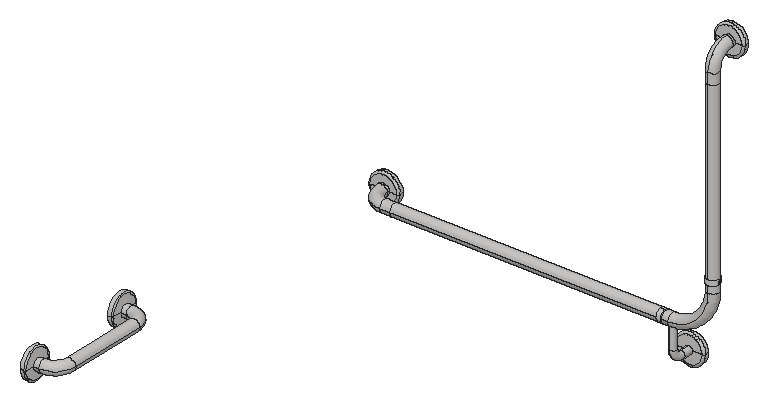
Revit family "RBA4090-300", category Plumbing Fixtures, Revit 2021
Family settings
  Round Connector Dimension = Use Diameter
  Part Type = Normal
  Work Plane-Based = No
  Always vertical = No
  Cut with Voids When Loaded = No
  Shared = No
  Room Calculation Point = No
Parameters
  Watermarked By = "www.rba.com.au"
  URL = "www.rba.com.au"
  Phone Number = "1300 788 778"
  OFFSET = 800.00 mm
  Model = "RBA4090-300"
  Materials & Finishes = #304 Stainless Steel, Satin Finish
  Manufacturer Model = ""
  Manufacturer = "RBA Group"
  Distance Away from Wall [instance] = 100.00 mm
  Distance Away from Toilet [instance] = 1090.00 mm
  Description = "LH Accessible Rail + 300mm Straight Kit | Satin Finish"
  Default Elevation = 0.00 mm
  Copyrighted by = "RBA Group"  # constant formula
  Assembly Code = ""
Reference planes
  plane 1 "Center (Front/Back)": y = 0
  plane 2: z = 0
  plane 3: x = 40.5
  plane 4: z = 800
  plane 5: z = 1500
  plane 6: x = -59.5
  plane 7: z = 700
  plane 8: x = -909.5
  plane 9: x = -1009.5
  plane 10: y = -54
  plane 11: y = -86
  plane 12: y = -1090
  plane 13: y = -1074
  plane 14: x = -954.5
  plane 15: x = -922.5
  plane 16: z = 816
  plane 17: x = 24.5
Dimensions and locks
  "OFFSET": plane 4 to plane 2
  plane 10 to plane 1 "Center (Front/Back)" = 54.00 mm
  plane 1 "Center (Front/Back)" to plane 11 = 86.00 mm
  "Distance Away from Wall": plane 9 to plane 8
  locked: plane 13 to plane 12 at 16
  "Distance Away from Toilet": plane 1 "Center (Front/Back)" to plane 12
  aligned and locked: plane 4 to nested 1
Nested families
  nested 1: "RBA4090-901" at (-933, 0, 800), type "RBA4090-901"
  nested 2: "RBA4000-Straight-Series" at (-1009.5, -1074, 800) x (0, 1, 0) z (0, 0, 1), type "RBA4000-030"
Definition of nested family "RBA4090-901"
  Parameters (values of type "RBA4090-901")
    Watermarked By = "www.rba.com.au"
    URL = "www.rba.com.au"
    R_Void [instance] = 15.00 mm
    R [instance] = 0.00 mm
    Phone Number = ""
    Model = "RBA4090-901"
    Materials & Finishes = none
    Manufacturer Model = "B819436"
    Manufacturer = "RBA Group"
    Description = "RTA SSS Left Hand Single Wall 90° Rail"
    Default Elevation = 0.00 mm
    Copyrighted by = "RBA Group"  # constant formula
    Assembly Code = ""
  Reference planes
    plane 1 "Center (Front/Back)": y = 0
    plane 2: z = 0
    plane 3: x = 40.5
    plane 4: z = -30
    plane 5: z = 30
    plane 6: x = 70.5
    plane 7: x = 10.5
    plane 8: x = 990.5
    plane 9: x = 515.5
    plane 10: z = 670
    plane 11: z = 730
    plane 12: x = 960.5
    plane 13: x = 1020.5
    plane 14: z = 700
    plane 15: z = -130
    plane 16: z = -70
    plane 17: x = 910.5
    plane 18: x = 850.5
    plane 19: x = 835.5
    plane 20: z = -100
    plane 21: x = 974.5
    plane 22: z = 16
    plane 23: y = -70
    plane 24: y = -86
    plane 25: y = -54
    plane 26: y = -79.5
    plane 27: y = -60.5
  Forms (mm)
    Extrusion 1, solid
      sketch origin (40.5, -2.628, 315.907) x (0, 0, -1) y (-1, 0, 0)
        loop
          circle (315.907, 0) r 40
      from -0.219 to 2.628
    Revolve 2, solid, material <- "Materials & Finishes"
      sketch origin (40.5, 18.663, 0) x (0, -1, 0) y (1, 0, 0)
        loop
          line (18.663, 0) -> (18.663, -41.5) -> (27.844, -41.5)
          arc (27.844, -41.5) -> (31.337, -40.077) -> (32.842, -36.617) r 5
          line (32.842, -36.617) -> (33.701, 0) -> (18.663, 0)
        axis (18.663, 0) -> (33.701, 0)
      angle from 0 to 360
    Extrusion 3, void
      sketch origin (40.5, 34.941, 315.907) x (0, 0, -1) y (-1, 0, 0)
        loop
          circle (315.907, -30) r 5
        loop
          circle (315.907, 30) r 5
      from -37.788 to -30
    Sweep 4, solid, material <- "Materials & Finishes"
      path origin (40.5, 12.454, 0) x (0, -1, 0) y (-1, 0, 0)
        loop
          line (12.454, 0) -> (34.454, 0)
          arc (34.454, 0) -> (68.395, -14.059) -> (82.454, -48) r 48
          line (82.454, -48) -> (82.454, -76)
      profile origin (40.5, -11, 0) x (1, 0, 0) y (0, 0, 1)
        loop
          circle (0, 0) r 16
    Extrusion 5, solid
      sketch origin (990.5, -2.628, 1015.907) x (0, 0, -1) y (-1, 0, 0)
        loop
          circle (315.907, 0) r 40
      from -0.219 to 2.628
    Extrusion 6, void
      sketch origin (990.5, 34.941, 1015.907) x (0, 0, -1) y (-1, 0, 0)
        loop
          circle (315.907, 30) r 5
        loop
          circle (315.907, -30) r 5
      from -37.788 to -30
    Sweep 7, solid, material <- "Materials & Finishes"
      path origin (1690.5, 12.454, 700) x (0, -1, 0) y (0, 0, 1)
        loop
          line (12.454, 0) -> (34.454, 0)
          arc (34.454, 0) -> (68.395, -14.059) -> (82.454, -48) r 48
          line (82.454, -48) -> (82.454, -76)
      profile origin (1690.5, -11, 700) x (0, 0, 1) y (-1, 0, 0)
        loop
          circle (0, 700) r 16
    Revolve 8, solid, material <- "Materials & Finishes"
      sketch origin (990.5, 18.663, 700) x (0, -1, 0) y (1, 0, 0)
        loop
          line (18.663, 0) -> (33.701, 0) -> (32.842, 36.617)
          arc (32.842, 36.617) -> (31.337, 40.077) -> (27.844, 41.5) r 5
          line (27.844, 41.5) -> (18.663, 41.5) -> (18.663, 0)
        axis (18.663, 0) -> (33.701, 0)
      angle from 0 to 360
    Sweep 9, solid, material <- "Materials & Finishes"
      path origin (0, 0, 0) x (1, 0, 0) y (0, 0, 1)
        loop
          line (116.5, 0) -> (880.5, 0)
          arc (880.5, 0) -> (958.282, 32.218) -> (990.5, 110) r 110
          line (990.5, 110) -> (990.5, 624)
      profile origin (498.5, 0, 0) x (0, 0, 1) y (0, -1, 0)
        loop
          circle (0, 70) r 16
    Extrusion 10, solid
      sketch origin (880.5, -2.628, 215.907) x (0, 0, -1) y (-1, 0, 0)
        loop
          circle (315.907, 0) r 40
      from -0.219 to 2.628
    Revolve 11, solid, material <- "Materials & Finishes"
      sketch origin (880.5, 18.663, -100) x (0, -1, 0) y (1, 0, 0)
        loop
          line (18.663, 0) -> (18.663, -41.5) -> (27.844, -41.5)
          arc (27.844, -41.5) -> (31.337, -40.077) -> (32.842, -36.617) r 5
          line (32.842, -36.617) -> (33.701, 0) -> (18.663, 0)
        axis (18.663, 0) -> (33.701, 0)
      angle from 0 to 360
    Sweep 12, solid, material <- "Materials & Finishes"
      path origin (880.5, 12.454, -100) x (0, -1, 0) y (0, 0, -1)
        loop
          line (12.454, 0) -> (54.454, 0)
          arc (54.454, 0) -> (74.253, -8.201) -> (82.454, -28) r 28
          line (82.454, -28) -> (82.454, -100)
      profile origin (880.5, -21, -100) x (0, 0, -1) y (1, 0, 0)
        loop
          circle (0, 0) r 9.5
    Extrusion 13, void
      sketch origin (880.5, 34.941, 215.907) x (0, 0, -1) y (-1, 0, 0)
        loop
          circle (315.907, -30) r 5
        loop
          circle (315.907, 30) r 5
      from -37.788 to -30
    Extrusion 14, solid
      sketch origin (0, 0, 0) x (1, 0, 0) y (0, 1, 0)
        loop
          circle (990.5, -70) r 17
      from 142 to 130
    Extrusion 15, solid
      sketch origin (650.5, 0, 990.5) x (0, 0, -1) y (0, 1, 0)
        loop
          circle (990.5, -70) r 17
      from 210 to 198
  Cuts and joins
    Extrusion 3, Extrusion 6, Extrusion 13 cuts Extrusion 1
    Extrusion 3, Extrusion 6, Extrusion 13 cuts Revolve 2
    Extrusion 13 cuts Sweep 4
    Extrusion 6 cuts Revolve 8
    Extrusion 13 cuts Revolve 11
    joined: Revolve 2, Sweep 4, Sweep 7, Revolve 8, Sweep 9, Revolve 11, Sweep 12
    Extrusion 6 cuts Extrusion 5
    Extrusion 13 cuts Extrusion 10
  Dimensions and locks
    Revolve 2 sketch curve to Revolve 2 sketch curve = 41.50 mm
    plane 5 to level to plane 4 = 30.00 mm, 30.00 mm
    plane 7 to plane 6 = 60.00 mm
    plane 11 to plane 10 = 60.00 mm
    plane 12 to plane 13 = 60.00 mm
    Revolve 8 sketch curve to Revolve 8 sketch curve = 41.50 mm
    Revolve 11 sketch curve to Revolve 11 sketch curve = 41.50 mm
    plane 16 to plane 15 = 60.00 mm
    plane 18 to plane 17 = 60.00 mm
    level to plane 20 = 100.00 mm
    plane 14 to level = 700.00 mm
    plane 8 to plane 19 = 155.00 mm
    plane 8 to plane 3 = 950.00 mm
    radius of Extrusion 1 sketch curve = 40.00 mm
    radius of Sweep 4 sketch curve = 16.00 mm
    radius of Extrusion 5 sketch curve = 40.00 mm
    radius of Sweep 7 sketch curve = 16.00 mm
    radius of Extrusion 10 sketch curve = 40.00 mm
    radius of Sweep 12 sketch curve = 9.50 mm
    aligned and locked: Revolve 2 to Extrusion 1
    aligned and locked: Revolve 11 to Extrusion 10
Definition of nested family "RBA4000-Straight-Series"
  Parameters (values of type "RBA4000-060")
    Watermarked By = "www.rba.com.au"
    URL = "www.rba.com.au"
    Phone Number = ""
    OFFSET [instance] = 800.00 mm
    Modified Issue = ""
    Model = "RBA4000-Straight-Series"
    Materials & Finishes = none
    Manufacturer = "RBA Group"  # constant formula
    Lgth = 600.00 mm
    Diameter = 32.00 mm
    Description = "RTA Satin Stainless Steel Straight Grabrail"
    Default Elevation = 0.00 mm
    Copyright by = "RBA Group"  # constant formula
  Types (9, lengths in mm): name | URL | Phone Number | Modified Issue | Model | Lgth | Description
    RBA4000-040 | "www.rba.com.au" | "" | "20191108.1" | "RBA4000-040" | 400.00 | "Straight Grab Rail 400mm"
    RBA4000-120 | "http://www.rba.com.au/accessible-disabled/grab-rails" | "1300 788 778" | "20191004.01" | "RBA4000-120" | 1200.00 | "Straight Grab Rail 1200mm"
    RBA4000-100 | "http://www.rba.com.au/accessible-disabled/grab-rails" | "1300 788 778" | "20191004.01" | "RBA4000-100" | 1000.00 | "Straight Grab Rail 1000mm"
    RBA4000-080 | "http://www.rba.com.au/accessible-disabled/grab-rails" | "1300 788 778" | "20191004.01" | "RBA4000-080" | 800.00 | "Straight Grab Rail 800mm"
    RBA4000-090 | "www.rba.com.au" | "" | "20191004.01" | "RBA4000-090" | 900.00 | "Straight Grab Rail 900mm"
    RBA4000-070 | "www.rba.com.au" | "" | "20191004.01" | "RBA4000-075" | 700.00 | "Straight Grab Rail 750mm"
    RBA4000-060 | "www.rba.com.au" | "" | "" | "RBA4000-Straight-Series" | 600.00 | "RTA Satin Stainless Steel Straight Grabrail"
    RBA4000-045 | "www.rba.com.au" | "" | "20191004.01" | "RBA4000-045" | 450.00 | "Straight Grab Rail 450mm"
    RBA4000-030 | "www.rba.com.au" | "" | "20190510.1" | "RBA4000-030" | 300.00 | "Straight Grab Rail 300mm"
  Reference planes
    plane 1 "Center (Front/Back)": y = 0
    plane 2: z = 0
    plane 3 "Center (Left/Right)": x = 0
    plane 4: x = 0
    plane 5: x = 0
    plane 6: y = -57
    plane 7: y = -87
    plane 8: x = 600
    plane 9: z = 16
    plane 10: z = -16
    plane 11: y = -55
  Forms (mm)
    Sweep 1, solid, material <- "Materials & Finishes"
      path origin (-273.954, -750, 0) x (0, -1, 0) y (1, 0, 0)
        loop
          line (-740, 873.954) -> (-719, 873.954)
          arc (-719, 873.954) -> (-690.716, 862.239) -> (-679, 833.954) r 40
          line (-679, 833.954) -> (-679, 313.954)
          arc (-679, 313.954) -> (-690.716, 285.67) -> (-719, 273.954) r 40
          line (-719, 273.954) -> (-740, 273.954)
      profile origin (300, -71, 0) x (0, -1, 0) y (0, 0, 1)
        loop
          circle (0, 0) r 16
    Extrusion 2, solid, material <- "Materials & Finishes"
      sketch origin (62.5, -2.628, -315.907) x (0, 0, 1) y (1, 0, 0)
        loop
          circle (315.907, -62.5) r 40
      from -0.206 to 2.628
    Revolve 3, solid, material <- "Materials & Finishes"
      sketch origin (62.5, 18.663, 0) x (-1, 0, 0) y (0, -1, 0)
        loop
          line (62.5, 18.663) -> (104, 18.663) -> (104, 28.968)
          arc (104, 28.968) -> (103.207, 31.014) -> (101.243, 31.992) r 3.037
          arc (101.243, 31.992) -> (81.892, 33.334) -> (62.5, 33.781) r 420.249
          line (62.5, 33.781) -> (62.5, 18.663)
        axis (62.5, 18.663) -> (62.5, 33.781)
      angle from 0 to 360
    Extrusion 4, void
      sketch origin (62.704, 34.941, -270.785) x (-0.515038, 0, 0.857167) y (0.857167, 0, 0.515038)
        loop
          circle (248.952, 111.432) r 4.75
        loop
          circle (279.854, 60.002) r 4.75
      from -37.775 to -34.941
    Extrusion 5, solid, material <- "Materials & Finishes"
      sketch origin (237.5, -2.628, -315.907) x (0, 0, 1) y (1, 0, 0)
        loop
          circle (315.907, 362.5) r 40
      from -0.206 to 2.628
    Revolve 6, solid, material <- "Materials & Finishes"
      sketch origin (237.5, 18.663, 0) x (-1, 0, 0) y (0, -1, 0)
        loop
          line (-362.5, 18.663) -> (-362.5, 33.781)
          arc (-362.5, 33.781) -> (-381.892, 33.334) -> (-401.243, 31.992) r 420.249
          arc (-401.243, 31.992) -> (-403.207, 31.014) -> (-404, 28.968) r 3.037
          line (-404, 28.968) -> (-404, 18.663) -> (-362.5, 18.663)
        axis (-362.5, 18.663) -> (-362.5, 33.781)
      angle from 0 to 360
    Extrusion 7, void
      sketch origin (362.704, 34.941, -270.785) x (-0.515038, 0, 0.857167) y (0.857167, 0, 0.515038)
        loop
          circle (125.343, 317.152) r 4.75
        loop
          circle (94.441, 368.582) r 4.75
      from -37.775 to -34.941
  Cuts and joins
    Extrusion 7 cuts Sweep 1
    Extrusion 4, Extrusion 7 cuts Extrusion 2
    Extrusion 4, Extrusion 7 cuts Revolve 3
    Extrusion 7 cuts Extrusion 5
    Extrusion 7 cuts Revolve 6
    joined: Sweep 1, Extrusion 2, Revolve 3, Extrusion 5, Revolve 6
  Dimensions and locks
    "Lgth": plane 3 "Center (Left/Right)" to plane 8
    radius of Sweep 1 sketch curve = 16.00 mm
    aligned and locked: level to plane 2
    aligned and locked: Revolve 3 to Extrusion 2
    aligned and locked: Extrusion 2 to Extrusion 4
    aligned and locked: Revolve 6 to Extrusion 5
  Automatic sketch dimensions
    Sweep 1 sketch curve to plane 8 = 0.00 mm
    Sweep 1 sketch curve to plane 3 "Center (Left/Right)" = 0.00 mm
    plane 6 to Sweep 1 sketch curve = 26.00 mm  (x2)
    Sweep 1 sketch curve to plane 6 = 14.00 mm
    plane 1 "Center (Front/Back)" to Sweep 1 sketch curve = 10.00 mm  (x2)
    Sweep 1 sketch curve to profile plane = 0.00 mm  (x2)
    Extrusion 2 sketch curve to level = 0.00 mm
    Extrusion 2 sketch curve to plane 3 "Center (Left/Right)" = 0.00 mm
    plane 1 "Center (Front/Back)" to Revolve 3 sketch curve = 0.00 mm
    Revolve 3 sketch curve to plane 3 "Center (Left/Right)" = 0.00 mm  (x2)
    plane 1 "Center (Front/Back)" to Revolve 3 sketch curve = 10.305 mm
    Revolve 3 sketch curve to plane 3 "Center (Left/Right)" = 38.463 mm
    Revolve 3 sketch curve to Revolve 3 sketch curve = 3.037 mm
    Revolve 3 sketch curve to plane 1 "Center (Front/Back)" = 405.131 mm
    Revolve 3 sketch curve to Revolve 3 sketch curve = 15.118 mm
    Revolve 3 sketch curve to plane 1 "Center (Front/Back)" = 21.537 mm
    Revolve 3 sketch curve to Revolve 3 sketch curve = 0.00 mm
    plane 6 to Revolve 3 sketch curve = 13.537 mm
    Extrusion 5 sketch curve to level = 0.00 mm
    plane 8 to Extrusion 5 sketch curve = 0.00 mm
    plane 1 "Center (Front/Back)" to Revolve 6 sketch curve = 0.00 mm
    Revolve 6 sketch curve to plane 8 = 0.00 mm  (x2)
    plane 1 "Center (Front/Back)" to Revolve 6 sketch curve = 10.305 mm
    Revolve 6 sketch curve to plane 8 = 38.463 mm
    Revolve 6 sketch curve to Revolve 6 sketch curve = 3.037 mm
    Revolve 6 sketch curve to plane 1 "Center (Front/Back)" = 405.131 mm
    Revolve 6 sketch curve to Revolve 6 sketch curve = 15.118 mm
    Revolve 6 sketch curve to plane 1 "Center (Front/Back)" = 21.537 mm
    Revolve 6 sketch curve to Revolve 6 sketch curve = 0.00 mm
    plane 6 to Revolve 6 sketch curve = 13.537 mm
    Extrusion 7 sketch curve to level = 0.00 mm  (x2)
    Extrusion 7 sketch curve to plane 8 = 30.00 mm
    Extrusion 7 sketch curve to Extrusion 7 sketch curve = 30.902 mm
    Extrusion 4 sketch curve to level = 0.00 mm  (x2)
    plane 3 "Center (Left/Right)" to Extrusion 4 sketch curve = 30.00 mm
    Extrusion 4 sketch curve to Extrusion 4 sketch curve = 30.902 mm
    radius of Extrusion 2 sketch curve = 40.00 mm
    radius of Extrusion 5 sketch curve = 40.00 mm
    radius of Extrusion 7 sketch curve = 4.75 mm  (x2)
    radius of Extrusion 4 sketch curve = 4.75 mm  (x2)
